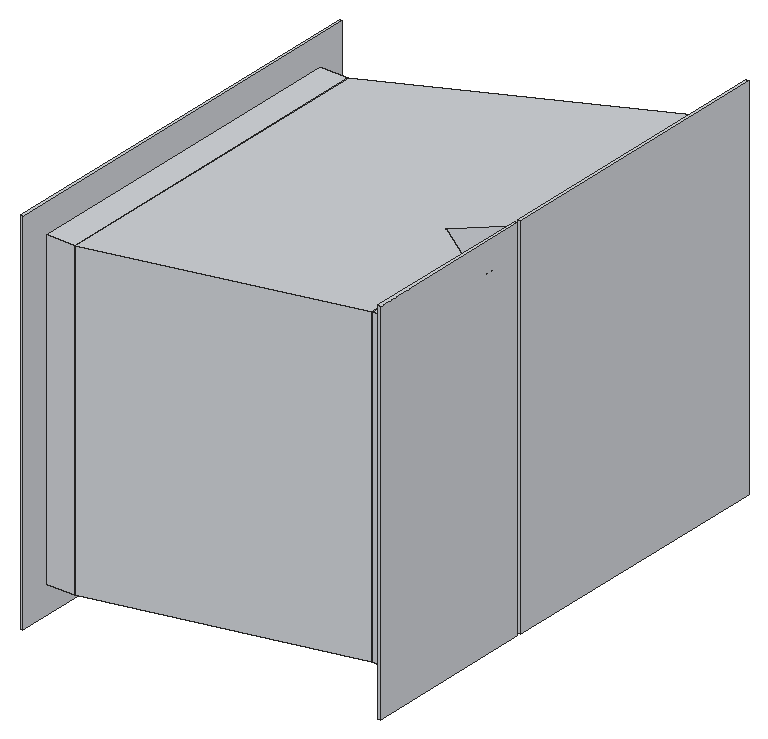
Revit family "RE Hosenstück HS - Flansch", category Luftkanalformteile, Revit 2014
Parameters (values of type "Allgemein")
  x2 2 [instance] = 50 mm  # constant formula
  x2 [instance] = 0 mm
  x1 2 [instance] = 50 mm  # constant formula
  x1 1 [instance] = if(x1 = 0 mm, x1 2, x1)  # 50 mm
  x1 [instance] = 0 mm
  m1 [instance] = if(not(m = 0 mm), m, abs(0.896 * m - 107.1 mm))  # 107.1 mm
  m [instance] = 0 mm
  x2 1 [instance] = if(x2 = 0 mm, x2 2, x2)  # 50 mm
  l1 [instance] = if(l = 0 mm, Länge l1, l)  # 600 mm
  l [instance] = 0 mm
  h [instance] = 200 mm
  g [instance] = a  # 550 mm
  f1 [instance] = if(f < -2000 mm, -2000 mm, if(f < 2000 mm, f, 2000 mm))  # 40 mm
  f [instance] = 40 mm
  e1 [instance] = if(e < -2000 mm, -2000 mm, if(e < 2000 mm, e, 2000 mm))  # 50 mm
  e [instance] = 50 mm
  d [instance] = 400 mm
  c [instance] = a  # 550 mm
  Vertikaler Profilversatz 2 [instance] = -(a - g) / 2 + e1  # 50 mm
  Vertikaler Profilversatz 1 [instance] = -(a - c) / 2 + e1  # 50 mm
  Min hg [instance] = if(h < g, h, g)  # 200 mm
  Min cdhg [instance] = if(Min. cd < Min hg, Min. cd, Min hg)  # 200 mm
  Min. cd [instance] = if(c < d, c, d)  # 400 mm
  Min. ab [instance] = if(a < b, a, b)  # 550 mm
  Max hg [instance] = if(h > g, h, g)  # 550 mm
  Max cdhg [instance] = if(Max. cd > Max hg, Max. cd, Max hg)  # 550 mm
  Max. cd [instance] = if(c > d, c, d)  # 550 mm
  Max abcdhg [instance] = if(Max. abcd > Max cdhg, Max. abcd, Max cdhg)  # 600 mm
  Max. abcd [instance] = if(Max. ab > Max. cd, Max. ab, Max. cd)  # 600 mm
  Max. ab [instance] = if(a > b, a, b)  # 600 mm
  Länge l1 [instance] = if(Max abcdhg > x1 1 + x2 1, Max abcdhg, Max abcdhg + x1 1 + x2 1)  # 600 mm
  Länge 7 [instance] = Länge 3 - (b / 2 - h / 2 - f)  # 4840 mm
  Länge 6 [instance] = Länge 3 + (f + h + m1 + d / 2 - b / 2)  # 5247.1 mm
  Länge 5 [instance] = Länge 3 - (a / 2 - g / 2 - e)  # 5050 mm
  Länge 4 [instance] = Länge 3 - (a / 2 - c / 2 - e)  # 5050 mm
  Länge 3 [instance] = 5000 mm  # constant formula
  Länge 2 [instance] = if(x2 1 = 0 mm, 0 mm, x2 1)  # 50 mm
  Länge 1 [instance] = if(x1 1 = 0 mm, 0 mm, x1 1)  # 50 mm
  a [instance] = 550 mm
  b [instance] = 600 mm
  Horizontaler Profilversatz 2 [instance] = -((b - h) / 2) + f1  # -160 mm
  Horizontaler Profilversatz 1 [instance] = -((b - d) / 2) + (f1 + h + m1)  # 247.1 mm
  Flansch h [instance] = h + Flanschverlängerung * 2  # 300 mm
  Flansch g [instance] = g + Flanschverlängerung * 2  # 650 mm
  Flansch d [instance] = d + Flanschverlängerung * 2  # 500 mm
  Flansch c [instance] = c + Flanschverlängerung * 2  # 650 mm
  Flansch b [instance] = b + Flanschverlängerung * 2  # 700 mm
  Flansch a [instance] = a + Flanschverlängerung * 2  # 650 mm
  Flanschstärke [instance] = 5 mm
  Flanschverlängerung [instance] = 50 mm
Reference planes
  plane 1 "Mitte (vorne/hinten)": y = 0
  plane 2: z = 0
  plane 3 "Mitte (links/rechts)": x = 0
  plane 4: x = 55
  plane 5: x = 55
  plane 6: x = 600
  plane 7: x = 545
  plane 8: x = 545
  plane 9: z = -5000
  plane 10: z = 50
  plane 11: z = 50
  plane 12: y = -5000
  plane 13: y = 247.1
  plane 14: y = -160
  plane 15: z = 275
  plane 16: y = 300
  plane 17: y = -300
  plane 18: z = -275
  plane 19: y = 447.1
  plane 20: y = 47.1
  plane 21: z = 325
  plane 22: z = -225
  plane 23: y = -60
  plane 24: y = -260
  plane 25: z = 325
  plane 26: z = -225
  plane 27: x = 595
  plane 28: x = 5
  plane 29: y = 350
  plane 30: y = -350
  plane 31: y = 497.1
  plane 32: y = -2.9
  plane 33: y = -10
  plane 34: y = -310
Forms (mm)
  Sweep 1, solid, detail levels medium+fine
    path in 3D
      loop
        line (0, 0, 0) -> (55, 0, 0)
    profile "Luftkanal - rechteckig : Luftkanal - rechteckig 1" origin (27.5, 0, 0) x (0, 1, 0) y (0, 0, 1)
      loop
        line (-300, 275) -> (-300, -275) -> (300, -275) -> (300, 275) -> (-300, 275)
  SweptBlend 2, solid, detail levels medium+fine
    path in 3D
      loop
        line (55, 0, 0) -> (545, 0, 0)
    profile "Luftkanal - rechteckig : Luftkanal - rechteckig 1" origin (55, 0, 0) x (0, 1, 0) y (0, 0, 1)
      loop
        line (-300, 275) -> (-300, -275) -> (300, -275) -> (300, 275) -> (-300, 275)
    end profile "Luftkanal - rechteckig : Luftkanal - rechteckig 2" origin (545, 0, 0) x (0, 1, 0) y (0, 0, 1)
      loop
        line (47.1, 325) -> (47.1, -225) -> (447.1, -225) -> (447.1, 325) -> (47.1, 325)
  SweptBlend 3, solid, detail levels medium+fine
    path in 3D
      loop
        line (55, 0, 0) -> (545, 0, 0)
    profile "Luftkanal - rechteckig : Luftkanal - rechteckig 1" origin (55, 0, 0) x (0, 1, 0) y (0, 0, 1)
      loop
        line (-300, 275) -> (-300, -275) -> (300, -275) -> (300, 275) -> (-300, 275)
    end profile "Luftkanal - rechteckig : Luftkanal - rechteckig 3" origin (545, 0, 0) x (0, 1, 0) y (0, 0, 1)
      loop
        line (-260, 325) -> (-260, -225) -> (-60, -225) -> (-60, 325) -> (-260, 325)
  Sweep 4, solid, detail levels medium+fine
    path in 3D
      loop
        line (545, 0, 0) -> (600, 0, 0)
    profile "Luftkanal - rechteckig : Luftkanal - rechteckig 2" origin (572.5, 0, 0) x (0, 1, 0) y (0, 0, 1)
      loop
        line (47.1, 325) -> (47.1, -225) -> (447.1, -225) -> (447.1, 325) -> (47.1, 325)
  Sweep 5, solid, detail levels medium+fine
    path in 3D
      loop
        line (545, 0, 0) -> (600, 0, 0)
    profile "Luftkanal - rechteckig : Luftkanal - rechteckig 3" origin (572.5, 0, 0) x (0, 1, 0) y (0, 0, 1)
      loop
        line (-260, 325) -> (-260, -225) -> (-60, -225) -> (-60, 325) -> (-260, 325)
  Blend 6, solid, not visible
    base sketch origin (0, 0, 0) x (0, 1, 0) y (0, 0, 1)
      loop
        line (447.1, 325) -> (247.1, 325) -> (247.1, 50) -> (447.1, 50) -> (447.1, 325)
    top sketch origin (0, 0, 0) x (0, 1, 0) y (0, 0, 1)
      loop
        line (300, 275) -> (0, 275) -> (0, 0) -> (300, 0) -> (300, 275)
    from 545 to 55
  Blend 7, solid, not visible
    base sketch origin (0, 0, 0) x (0, 1, 0) y (0, 0, 1)
      loop
        line (0, 275) -> (-300, 275) -> (-300, 0) -> (0, 0) -> (0, 275)
    top sketch origin (0, 0, 0) x (0, 1, 0) y (0, 0, 1)
      loop
        line (-160, 325) -> (-260, 325) -> (-260, 50) -> (-160, 50) -> (-160, 325)
    from 55 to 545
  Sweep 8, solid, detail levels fine
    path in 3D
      loop
        line (0, 0, 0) -> (5, 0, 0)
    profile "Luftkanal - rechteckig : Luftkanal - Flansch 1" origin (2.5, 0, 0) x (0, 1, 0) y (0, 0, 1)
      loop
        line (-350, 325) -> (-350, -325) -> (350, -325) -> (350, 325) -> (-350, 325)
  Sweep 9, solid, detail levels fine
    path in 3D
      loop
        line (595, 0, 0) -> (600, 0, 0)
    profile "Luftkanal - rechteckig : Luftkanal - Flansch 2" origin (597.5, 0, 0) x (0, 1, 0) y (0, 0, 1)
      loop
        line (-2.9, 375) -> (-2.9, -275) -> (497.1, -275) -> (497.1, 375) -> (-2.9, 375)
  Sweep 10, solid, detail levels fine
    path in 3D
      loop
        line (595, 0, 0) -> (600, 0, 0)
    profile "Luftkanal - rechteckig : Luftkanal - Flansch 3" origin (597.5, 0, 0) x (0, 1, 0) y (0, 0, 1)
      loop
        line (-310, 375) -> (-310, -275) -> (-10, -275) -> (-10, 375) -> (-310, 375)
Cuts and joins
  joined: SweptBlend 2, SweptBlend 3
Lines and regions (mm)
  reference lines
    curve 1: line (0, 0, 0) -> (55, 0, 0)
    curve 2: line (545, 0, 0) -> (600, 0, 0)
    curve 4: line (55, 0, 0) -> (545, 0, 0)
    curve 14: line (0, 0, 0) -> (5, 0, 0)
    curve 15: line (595, 0, 0) -> (600, 0, 0)
  sketch lines
    curve 3: line (0, 0, 0) -> (55, 0, 0)
    curve 5: line (55, 0, 0) -> (545, 0, 0)
    curve 6: line (55, 0, 0) -> (545, 0, 0)
    curve 7: line (545, 0, 0) -> (600, 0, 0)
    curve 8: line (545, 0, 0) -> (600, 0, 0)
    curve 16: line (0, 0, 0) -> (5, 0, 0)
    curve 17: line (595, 0, 0) -> (600, 0, 0)
    curve 18: line (595, 0, 0) -> (600, 0, 0)
  model lines, detail levels coarse
    curve 9: line (0, 0, 0) -> (55, 0, 0)
    curve 10: line (545, 247.1, 50) -> (600, 247.1, 50)
    curve 11: line (545, -160, 50) -> (600, -160, 50)
    curve 12: line (55, 0, 0) -> (545, 247.1, 50)
    curve 13: line (55, 0, 0) -> (545, -160, 50)
    curve 19: line (0, 350, 0) -> (0, -350, 0)
    curve 20: line (600, 497.1, 50) -> (600, -2.9, 50)
    curve 21: line (600, -10, 50) -> (600, -310, 50)
Dimensions and locks
  "l1": plane 3 "Mitte (links/rechts)" to plane 6
  "Länge 3": plane 2 to plane 9
  "Länge 4": plane 10 to plane 9
  "Länge 5": plane 11 to plane 9
  "Länge 3": plane 1 "Mitte (vorne/hinten)" to plane 12
  "Länge 6": plane 13 to plane 12
  "Länge 7": plane 14 to plane 12
  equal spacing: plane 16, plane 1 "Mitte (vorne/hinten)", plane 17
  "b": plane 16 to plane 17
  equal spacing: plane 15, plane 2, plane 18
  "a": plane 15 to plane 18
  equal spacing: plane 19, plane 13, plane 20
  "d": plane 19 to plane 20
  equal spacing: plane 21, plane 10, plane 22
  "c": plane 21 to plane 22
  equal spacing: plane 23, plane 14, plane 24
  "h": plane 23 to plane 24
  equal spacing: plane 25, plane 11, plane 26
  "g": plane 25 to plane 26
  "Flanschstärke": plane 3 "Mitte (links/rechts)" to plane 28
  "Flanschstärke": plane 27 to plane 6
  "x1 1": plane 28 to plane 4
  "Länge 1": plane 28 to plane 5
  "x2 1": plane 7 to plane 27
  "Länge 2": plane 8 to plane 27
  equal spacing: plane 29, plane 1 "Mitte (vorne/hinten)", plane 30
  "Flansch b": plane 29 to plane 30
  equal spacing: plane 31, plane 13, plane 32
  "Flansch d": plane 31 to plane 32
  equal spacing: plane 33, plane 14, plane 34
  "Flansch h": plane 33 to plane 34
  aligned and locked: plane 5 to curve 1
  aligned and locked: plane 3 "Mitte (links/rechts)" to curve 1
  aligned and locked: plane 1 "Mitte (vorne/hinten)" to curve 1
  aligned and locked: plane 8 to curve 2
  aligned and locked: plane 6 to curve 2
  aligned and locked: plane 1 "Mitte (vorne/hinten)" to curve 2
  aligned and locked: plane 4 to curve 4
  aligned and locked: plane 7 to curve 4
  aligned and locked: plane 1 "Mitte (vorne/hinten)" to curve 4
  aligned and locked: plane 5 to curve 9
  aligned and locked: plane 3 "Mitte (links/rechts)" to curve 9
  aligned and locked: plane 1 "Mitte (vorne/hinten)" to curve 9
  aligned and locked: plane 8 to curve 10
  aligned and locked: plane 6 to curve 10
  aligned and locked: curve 10 to plane 13
  aligned and locked: plane 8 to curve 11
  aligned and locked: plane 6 to curve 11
  aligned and locked: curve 11 to plane 14
  aligned and locked: Blend 6 to plane 4
  aligned and locked: plane 7 to Blend 6
  aligned and locked: Blend 6 sketch curve to plane 15
  aligned and locked: plane 16 to Blend 6 sketch curve
  aligned and locked: plane 2 to Blend 6 sketch curve
  aligned and locked: Blend 6 sketch curve to plane 1 "Mitte (vorne/hinten)"
  aligned and locked: plane 19 to Blend 6 sketch curve
  aligned and locked: Blend 6 sketch curve to plane 21
  aligned and locked: plane 13 to Blend 6 sketch curve
  aligned and locked: plane 10 to Blend 6 sketch curve
  aligned and locked: plane 10 to curve 12
  aligned and locked: plane 13 to curve 12
  aligned and locked: plane 2 to curve 12
  aligned and locked: plane 1 "Mitte (vorne/hinten)" to curve 12
  aligned and locked: Blend 7 sketch curve to plane 15
  aligned and locked: plane 1 "Mitte (vorne/hinten)" to Blend 7 sketch curve
  aligned and locked: plane 2 to Blend 7 sketch curve
  aligned and locked: Blend 7 sketch curve to plane 17
  aligned and locked: plane 11 to Blend 7 sketch curve
  aligned and locked: Blend 7 sketch curve to plane 14
  aligned and locked: Blend 7 sketch curve to plane 25
  aligned and locked: Blend 7 sketch curve to plane 24
  aligned and locked: Blend 7 to plane 4
  aligned and locked: plane 7 to Blend 7
  aligned and locked: plane 11 to curve 13
  aligned and locked: plane 14 to curve 13
  aligned and locked: plane 2 to curve 13
  aligned and locked: plane 1 "Mitte (vorne/hinten)" to curve 13
  aligned and locked: plane 28 to curve 14
  aligned and locked: plane 3 "Mitte (links/rechts)" to curve 14
  aligned and locked: plane 1 "Mitte (vorne/hinten)" to curve 14
  aligned and locked: plane 6 to curve 15
  aligned and locked: plane 27 to curve 15
  aligned and locked: plane 1 "Mitte (vorne/hinten)" to curve 15
  aligned and locked: plane 29 to curve 19
  aligned and locked: plane 30 to curve 19
  aligned and locked: curve 19 to plane 3 "Mitte (links/rechts)"
  aligned and locked: plane 31 to curve 20
  aligned and locked: plane 32 to curve 20
  aligned and locked: curve 20 to plane 6
  aligned and locked: plane 33 to curve 21
  aligned and locked: plane 34 to curve 21
  aligned and locked: curve 21 to plane 6
Automatic sketch dimensions
  curve 12 to Blend 6 = 0 mm  (x4)
  curve 13 to Blend 7 = 0 mm  (x4)
Connectors
  hvac at (0, 0, 0), driven by "a", driven by "b"
    settings: on Sweep 1, index 1, duct flow 0.0 L/s, flow factor 0, pres drop 0.0 Pa, loss coef 0, conn angle 0.00°, conn width 600 mm, conn height 550 mm, conn diameter 609.6 mm, duct sys type 28, conn prof type 1, flow config 0, flow direction 0, loss method 0, conn ref index -1, conn util no, is conn primary yes, conn desc ""
  hvac at (600, 247.1, 50), driven by "c", driven by "d"
    settings: on Sweep 4, index 2, duct flow 0.0 L/s, flow factor 0, pres drop 0.0 Pa, loss coef 0, conn angle 0.00°, conn width 400 mm, conn height 550 mm, conn diameter 609.6 mm, duct sys type 28, conn prof type 1, flow config 0, flow direction 0, loss method 0, conn ref index -1, conn util no, is conn primary no, conn desc ""
  hvac at (600, -160, 50), driven by "g", driven by "h"
    settings: on Sweep 5, index 3, duct flow 0.0 L/s, flow factor 0, pres drop 0.0 Pa, loss coef 0, conn angle 0.00°, conn width 200 mm, conn height 550 mm, conn diameter 609.6 mm, duct sys type 28, conn prof type 1, flow config 0, flow direction 0, loss method 0, conn ref index -1, conn util no, is conn primary no, conn desc ""
